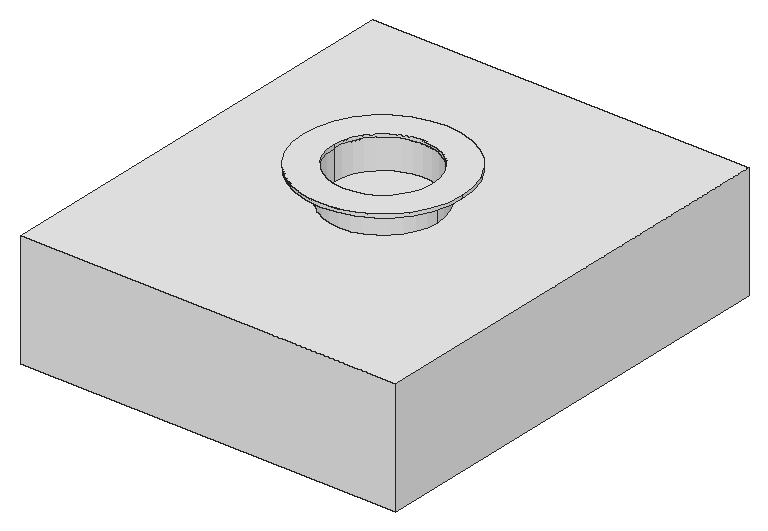
Revit family "Lighting-Recessed-Amerlux-EZRA", category Lighting Fixtures, host Face, Revit 2015
Parameters (values of type "Trim")
  Width = 12 3/16"
  Wattage = 9.2903 W
  built-in parameter 1150110 = 1 (stored number, unit not read)
  Voltage = 0 V
  URL = "http://www.amerlux.com/"
  Trim Size = 4 3/8"
  Trim [instance] = yes
  built-in parameter 1114217 = 1 (stored number, unit not read)
  Tilt Angle = -90.00°
  built-in parameter 1150109 = 1 (stored number, unit not read)
  built-in parameter 1150134 = 3
  built-in parameter 1150113 = 1 (stored number, unit not read)
  Power Factor = 1
  Photometric Web File = "generic"
  Number of Poles = 1
  built-in parameter 1150142 = (empty or 0)
  Model Number = ""
  Model = "EZRA"
  Manufacturer = "Amerlux"
  built-in parameter 1150105 = 109.82 (stored number, unit not read)
  Lumens = 1380 lm
  built-in parameter 1150115 = 1 (stored number, unit not read)
  built-in parameter 1150137 = (empty or 0)
  built-in parameter 1150139 = (empty or 0)
  Length = 14 1/2"
  built-in parameter 1150112 = 1 (stored number, unit not read)
  built-in parameter 1150114 = 1 (stored number, unit not read)
  Lamp = "LED"
  built-in parameter 1150132 = (empty or 0)
  built-in parameter 1150102 = (empty or 0)
  built-in parameter 1150107 = 3200 (stored number, unit not read)
  built-in parameter 1150138 = (empty or 0)
  built-in parameter 1150106 = 1.0982 (stored number, unit not read)
  Height = 4"
  Emit from Circle Diameter = Aperture Size  # 2 3/4"
  Emit Shape Visible in Rendering = no
  built-in parameter 1150104 = 13.8 (stored number, unit not read)
  Dimming Lamp Color Temperature Shift = <None>
  Dimming = ""
  Description = "Shallow Round Adjustable"
  Default Elevation = 48"
  Color Filter = 16777215
  built-in parameter 1114218 = 1 (stored number, unit not read)
  built-in parameter 1150133 = 10 (stored number, unit not read)
  Apparent Load = 0 VA
  Aperture Size = 2 3/4"
Types (3): name | Trim
  (no name) | yes
  Trim | yes
  Trimless | no
Reference planes (in)
  plane 1 "Center (Front/Back)": y = 0
  plane 2: z = 0
  plane 3 "Center (Left/Right)": x = 0
  plane 4: x = -7.25
  plane 5: x = 7.25
  plane 6: z = -4
  plane 7: y = 6.09375
  plane 8: y = -6.09375
Forms (in)
  Extrusion 1, solid, material "Housing"
    sketch origin (0, 0, 0) x (1, 0, 0) y (0, 1, 0)
      loop
        line (-5.16548, 6.09375) -> (-5.16548, -6.09375) -> (5.22568, -6.09375) -> (5.22568, 6.09375) -> (-5.16548, 6.09375)
    from -4 to -0.8255
  Extrusion 2, solid, material "Trim Finish", visible <- "Trim"
    sketch origin (0, 0, 0) x (1, 0, 0) y (0, 1, 0)
      loop
        circle (0, 0) r 2.1875
      loop
        circle (0, 0) r 1.375
    from 0 to 0.08709
  Extrusion 3, solid, material "Housing"
    sketch origin (0, 0, 0) x (1, 0, 0) y (0, 1, 0)
      loop
        circle (0, 0) r 1.375
      loop
        circle (0, 0) r 1.5
    from -0.8255 to 0
  Extrusion 4, void
    sketch origin (0, 0, 0) x (1, 0, 0) y (0, 1, 0)
      loop
        circle (0, 0) r 1.375
    from -0.8255 to 0.08709
Cuts and joins
  Extrusion 4 cuts Extrusion 2
Dimensions and locks (in)
  "Height": plane 6 to host face
  "Length": plane 4 to plane 5
  equal spacing: plane 7, plane 1 "Center (Front/Back)", plane 8
  equal spacing: plane 4, plane 3 "Center (Left/Right)", plane 5
  "Width": plane 7 to plane 8
  "Aperture Size": diameter of Extrusion 2 sketch curve
  "Trim Size": diameter of Extrusion 2 sketch curve
  "Aperture Size": diameter of Extrusion 3 sketch curve
  "Aperture Size": diameter of Extrusion 4 sketch curve
  aligned and locked: plane 2 to host face
  aligned and locked: level to host face
  aligned and locked: Extrusion 1 to plane 6
  aligned and locked: Extrusion 1 to plane 8
  aligned and locked: Extrusion 3 to Extrusion 1
  aligned and locked: level to Extrusion 3
  aligned and locked: plane 7 to Extrusion 1
Automatic sketch dimensions
  host sketch curve to host sketch curve = 54.51167"
  host sketch curve to host sketch curve = 52.40009"
  plane 4 to Extrusion 1 sketch curve = 2.08452"
  Extrusion 1 sketch curve to plane 5 = 2.02432"
  Extrusion 1 sketch curve to plane 8 = 0"
  Extrusion 1 sketch curve to plane 7 = 0"
  Extrusion 2 sketch curve to Extrusion 2 sketch curve = 0"  (x2)
  plane 1 "Center (Front/Back)" to Extrusion 2 sketch curve = 0"
  Extrusion 2 sketch curve to plane 3 "Center (Left/Right)" = 0"
  Extrusion 3 sketch curve to Extrusion 3 sketch curve = 0"  (x2)
  plane 1 "Center (Front/Back)" to Extrusion 3 sketch curve = 0"
  Extrusion 3 sketch curve to plane 3 "Center (Left/Right)" = 0"
  plane 1 "Center (Front/Back)" to Extrusion 4 sketch curve = 0"
  Extrusion 4 sketch curve to plane 3 "Center (Left/Right)" = 0"
  radius of Extrusion 3 sketch curve = 1 1/2"
Connectors (in)
  electrical at (0.0301, 0, -4), driven by "Number of Poles", driven by "Voltage", driven by "Apparent Load", driven by "Power Factor"
    settings: on Extrusion 1, index 1, voltage 0 V, apparent load 0 VA, apparent load phase1 0 VA, apparent load phase2 0 VA, apparent load phase3 0 VA, power factor 1, load classification "Other", number of poles 1, system type 31, power factor state 1, is connector primary yes, connector utility no, sub classification motor no, connector description "Power"
